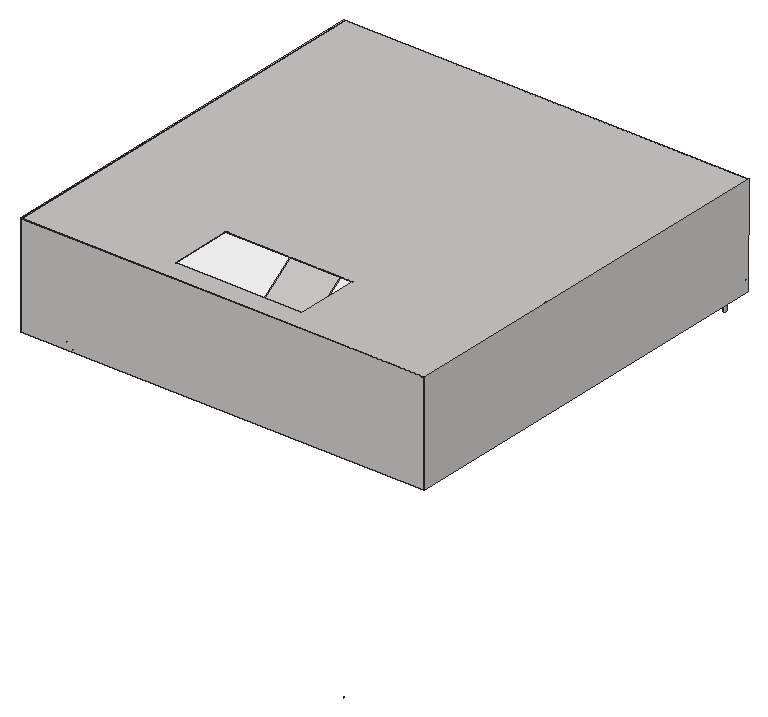
Revit family "QF_ELECTROLUXPROFESSIONAL_640203_EPF1616", category Attrezzature speciali, Revit 2021
Family settings
  Quota connettore circolare = Usa diametro
  Tipo di parte = Normale
  Basato su piano di lavoro = No
  Sempre verticale = Sì
  Taglio con vuoti quando caricato = No
  Condiviso = No
  Punto di calcolo locali = No
Parameters (values of type "Standard")
  Weight = 69.00 kg
  Watts = 0 W
  Volts = 0 V
  URL Manufacturer = "https://www.electroluxprofessional.com/"
  URL = "https://www.electroluxprofessional.com/"
  Steam Supply Size = 0 mm
  Steam Supply Minimum Pressure = 0.0 Pa
  Steam Supply Maximum Pressure = 0.0 Pa
  Steam Consumption per Hour = 0
  Refrigeration Suction Line Size = 0 mm
  Refrigeration Liquid Line Size = 0 mm
  Refrigerant Compressor Remote = yes
  Prospetto di default = 0 mm
  Produttore = "Electrolux Professional"
  Phase = 0
  Modello = "EPF1616"
  Length Actual = 1600 mm  # constant formula
  Item Number = "640203"
  Hot Water Size = 0 mm
  Height Actual = 400 mm  # constant formula
  HP = "0 HP"
  Gas Size = 0 mm
  Gas KW = 0
  Gas Input Pressure = 0 W
  Direct Waste Size = 0 mm
  Descrizione = "304 S/S WALL HOOD+FILTERS 160X160 CM"
  Depth Actual = 1600 mm  # constant formula
  Cycle = 0 Hz
  Condensate Return Size = 0 mm
  Compressed Air Volume = 0.0 L/s
  Compressed Air Size = 0 mm
  Compressed Air Pressure = 0.0 Pa
  Cold Water Size = 0 mm
  Accessory = yes
Reference planes
  plane 1: z = 0
  plane 2 "Center (Left/Right)": x = 150
  plane 3 "LEFT": x = -650
  plane 4 "RIGHT": x = 950
  plane 5 "BACK": y = 550
  plane 6 "TOP": z = 2400
  plane 7 "Base": z = 2000
  plane 8: z = 1970
  plane 9 "DrainY": y = 450
  plane 10: x = -647
  plane 11: y = -720
  plane 12: y = -970
  plane 13 "DrainX": x = 937
  plane 14 "AOLeft": x = -100
  plane 15 "AORight": x = 400
  plane 16: x = 947
  plane 17: x = -450
  plane 18: x = 750
  plane 19: through (0, -449.6, 2399.19) normal (0, -0.5736, 0.8192)
  plane 20: x = 50
  plane 21: x = 250
  plane 22 "Center (Front/Back)": y = -250
  plane 23 "Front": y = -1050
Forms (mm)
  Extrusion 1, solid, material "QF_Finishes_Stainless Steel"
    sketch origin (-650, 0, 360) x (0, 1, 0) y (0, 0, 1)
      loop
        line (550, 1640) -> (550, 2040) -> (-1050, 2040) -> (-1050, 1640) -> (550, 1640)
    from 0 to 3
  Extrusion 2, solid, material "QF_Finishes_Stainless Steel"
    sketch origin (950, 0, 360) x (0, 1, 0) y (0, 0, 1)
      loop
        line (550, 1640) -> (550, 2040) -> (-1050, 2040) -> (-1050, 1640) -> (550, 1640)
    from 0 to -3
  Extrusion 3, solid, material "QF_Finishes_Stainless Steel"
    sketch origin (150, 0, 360) x (0, 1, 0) y (0, 0, 1)
      loop
        line (-1050, 2040) -> (-1050, 1640) -> (-1040, 1640) -> (-1040, 1640.8) -> (-1049.2, 1640.8) -> (-1049.2, 2039.19) -> (549.2, 2039.19) -> (549.2, 1640.8) -> (540, 1640.8) -> (540, 1640) -> (550, 1640) -> (550, 2040) -> (-1050, 2040)
    from -800 to 800
  Extrusion 4, solid, material "QF_Finishes_Stainless Steel"
    sketch origin (0, 0, 2000) x (0, 1, 0) y (-1, 0, 0)
      loop
        circle (450, -937) r 4.763
    from -30 to 0
  Extrusion 5, void
    sketch origin (0, 0, 2400) x (0, 1, 0) y (-1, 0, 0)
      loop
        line (-720, -400) -> (-720, 100) -> (-970, 100) -> (-970, -400) -> (-720, -400)
    from 0 to -10
  Extrusion 6, solid, material "QF_Finishes_Stainless Steel"
    sketch origin (0, 0, 0) x (1, 0, 0) y (0, 1, 0)
      loop
        line (-650, 550) -> (-650, 549) -> (-649, 549) -> (-649, 550) -> (-650, 550)
    from 0 to 1
  Extrusion 7, solid, material "QF_Finishes_Stainless Steel"
    sketch origin (150, 0, 360) x (0, 1, 0) y (0, 0, 1)
      loop
        line (-531.515, 1981.832) -> (-534.381, 1985.926) -> (-973.276, 1678.608) -> (-970.553, 1674.415) -> (-531.515, 1981.832)
    from -600 to -797
  Extrusion 8, solid, material "QF_Finishes_Stainless Steel"
    sketch origin (150, 0, 360) x (0, 1, 0) y (0, 0, 1)
      loop
        line (-1050, 2039.19) -> (-1050, 1640) -> (-1019.702, 1640) -> (-970.553, 1674.415) -> (-978.723, 1686.995) -> (-979.394, 1686.559) -> (-971.645, 1674.627) -> (-1019.955, 1640.8) -> (-1049.2, 1640.8) -> (-1049.2, 2039.19) -> (-1050, 2039.19)
      loop
        line (-449.6, 2039.19) -> (-450.995, 2039.19) -> (-531.319, 1982.947) -> (-539.464, 1994.578) -> (-540.119, 1994.12) -> (-531.515, 1981.832) -> (-449.6, 2039.19)
    from -797 to 797
  Extrusion 9, solid, material "QF_Finishes_Stainless Steel"
    sketch origin (150, 0, 360) x (0, 1, 0) y (0, 0, 1)
      loop
        line (-531.515, 1981.832) -> (-534.381, 1985.926) -> (-973.276, 1678.608) -> (-970.553, 1674.415) -> (-531.515, 1981.832)
    from 797 to 600
  Extrusion 10, solid, material "QF_Finishes_Stainless Steel"
    sketch origin (150, 0, 360) x (0, 1, 0) y (0, 0, 1)
      loop
        line (-531.515, 1981.832) -> (-534.381, 1985.926) -> (-973.276, 1678.608) -> (-970.553, 1674.415) -> (-531.515, 1981.832)
    from -100 to 100
  Extrusion 11, solid, material "QF_Finished_Chrome"
    sketch origin (150, 0, 360) x (0, 1, 0) y (0, 0, 1)
      loop
        line (-531.515, 1981.832) -> (-534.381, 1985.926) -> (-973.276, 1678.608) -> (-970.553, 1674.415) -> (-531.515, 1981.832)
    from -600 to -100
  Extrusion 12, solid, material "QF_Finished_Chrome"
    sketch origin (150, 0, 360) x (0, 1, 0) y (0, 0, 1)
      loop
        line (-531.515, 1981.832) -> (-534.381, 1985.926) -> (-973.276, 1678.608) -> (-970.553, 1674.415) -> (-531.515, 1981.832)
    from 100 to 600
  Sweep 13, solid, material "QF_Finishes_Stainless Steel"
    path origin (0, 0, 0) x (1, 0, 0) y (0, 1, 0)
      loop
        line (950, 550) -> (-650, 550) -> (-650, -1050) -> (950, -1050) -> (950, 550)
    profile origin (950, -250, 0) x (1, 0, 0) y (0, 0, 1)
      loop
        line (-3, 2000) -> (-3, 2000.8) -> (-19, 2000.8) -> (-19, 2010) -> (-20, 2010) -> (-20, 2000) -> (-3, 2000)
  Extrusion 14, solid, material "QF_Finishes_Stainless Steel"
    sketch origin (150, 0, 0) x (0, 1, 0) y (0, 0, 1)
      loop
        line (108.687, 2305.487) -> (549.2, 2040.8) -> (549.2, 2041.733) -> (109.285, 2306.061) -> (-443.438, 2399.19) -> (-445.739, 2399.19) -> (108.687, 2305.487)
    from -797 to 797
Cuts and joins
  Extrusion 5 cuts Extrusion 3
  joined: Extrusion 2, Extrusion 3, Sweep 13
Lines and regions (mm)
  symbolic lines, style "SpecialityEquipment", detail levels coarse
    curve 1: line (950, 550, 2400) -> (-650, 550, 2400)
    curve 2: line (-650, 550, 2400) -> (-650, -1050.8, 2400)
    curve 3: line (950, -1050.8, 2400) -> (950, 550, 2400)
    curve 4: line (400, -970, 2400) -> (-100, -970, 2400)
    curve 5: line (400, -720, 2400) -> (400, -970, 2400)
    curve 6: line (-100, -720, 2400) -> (400, -720, 2400)
    curve 7: line (-100, -970, 2400) -> (-100, -720, 2400)
    curve 8: line (-650, 550, 0) -> (950, -1050, 0)
    curve 9: line (950, 550, 0) -> (-650, -1050, 0)
  symbolic lines, detail levels coarse
    curve 10: line (-650, -1050, 0) -> (950, -1050, 0)
    curve 11: line (-100, -720, 0) -> (-100, -970, 0)
    curve 12: line (400, -720, 0) -> (-100, -720, 0)
    curve 13: line (400, -970, 0) -> (400, -720, 0)
    curve 14: line (-100, -970, 0) -> (400, -970, 0)
Dimensions and locks
  plane 3 "LEFT" to plane 4 "RIGHT" = 1600 mm
  equal spacing: plane 3 "LEFT", plane 2 "Center (Left/Right)", plane 4 "RIGHT"
  plane 7 "Base" to plane 8 = 30 mm
  plane 5 "BACK" to plane 9 "DrainY" = 100 mm  (x2)
  plane 3 "LEFT" to plane 10 = 3 mm
  plane 13 "DrainX" to plane 4 "RIGHT" = 13 mm
  plane 16 to plane 4 "RIGHT" = 3 mm
  plane 3 "LEFT" to plane 17 = 200 mm
  plane 18 to plane 4 "RIGHT" = 200 mm
  locked: plane 14 "AOLeft" to plane 15 "AORight" at 500
  equal spacing: plane 14 "AOLeft", plane 2 "Center (Left/Right)", plane 15 "AORight"
  locked: plane 7 "Base" to level at 2000
  locked: plane 6 "TOP" to plane 7 "Base" at 400
  locked: plane 20 to plane 21 at 200
  equal spacing: plane 20, plane 2 "Center (Left/Right)", plane 21
  locked: plane 11 to plane 12 at 250
  plane 5 "BACK" to plane 23 "Front" = 1600 mm  (x2)
  equal spacing: plane 5 "BACK", plane 22 "Center (Front/Back)", plane 23 "Front"
  plane 12 to plane 23 "Front" = 80 mm
  aligned and locked: level to plane 1
  aligned and locked: plane 4 "RIGHT" to Extrusion 3
  aligned and locked: Extrusion 3 to plane 3 "LEFT"
  aligned and locked: Extrusion 5 to plane 14 "AOLeft"
  aligned and locked: Extrusion 5 to plane 12
  aligned and locked: Extrusion 5 to plane 11
  aligned and locked: Extrusion 7 to plane 10
  aligned and locked: Extrusion 7 to plane 17
  aligned and locked: Extrusion 2 to plane 16
  aligned and locked: Extrusion 5 to plane 15 "AORight"
  aligned and locked: plane 15 "AORight" to curve 5
  aligned and locked: plane 16 to Extrusion 9
  aligned and locked: plane 18 to Extrusion 9
  aligned and locked: Extrusion 10 to plane 21
  aligned and locked: Extrusion 10 to plane 20
  aligned and locked: Extrusion 11 to plane 20
  aligned and locked: plane 17 to Extrusion 11
  aligned and locked: Extrusion 12 to plane 21
  aligned and locked: Extrusion 12 to plane 18
  aligned and locked: Extrusion 14 to plane 10
  aligned and locked: plane 16 to Extrusion 14
  aligned and locked: Extrusion 8 to plane 10
  aligned and locked: Extrusion 8 to plane 16
  aligned and locked: Extrusion 1 to plane 23 "Front"
Automatic sketch dimensions
  curve 2 to plane 3 "LEFT" = 0 mm
  curve 4 to plane 12 = 0 mm
  plane 11 to curve 6 = 0 mm
  curve 2 to plane 5 "BACK" = 0 mm
  curve 4 to plane 14 "AOLeft" = 0 mm
  Extrusion 1 sketch curve to plane 7 "Base" = 0 mm
  Extrusion 1 sketch curve to plane 5 "BACK" = 0 mm
  Extrusion 1 sketch curve to plane 6 "TOP" = 0 mm
  Extrusion 2 sketch curve to plane 7 "Base" = 0 mm
  Extrusion 2 sketch curve to plane 5 "BACK" = 0 mm
  Extrusion 2 sketch curve to plane 6 "TOP" = 0 mm
  Extrusion 3 sketch curve to plane 6 "TOP" = 0 mm
  Extrusion 3 sketch curve to plane 7 "Base" = 0 mm  (x2)
  Extrusion 3 sketch curve to plane 5 "BACK" = 0 mm
  Extrusion 3 sketch curve to Extrusion 3 sketch curve = 9.2 mm
  plane 7 "Base" to Extrusion 3 sketch curve = 0.8 mm  (x2)
  Extrusion 3 sketch curve to plane 5 "BACK" = 10 mm
  Extrusion 3 sketch curve to plane 5 "BACK" = 0.8 mm
  Extrusion 3 sketch curve to plane 6 "TOP" = 0.81 mm
  Extrusion 4 sketch curve to plane 9 "DrainY" = 0 mm
  Extrusion 4 sketch curve to plane 13 "DrainX" = 0 mm
  Extrusion 5 sketch curve to plane 12 = 0 mm
  plane 11 to Extrusion 5 sketch curve = 0 mm
  Extrusion 5 sketch curve to plane 15 "AORight" = 0 mm
  Extrusion 5 sketch curve to plane 14 "AOLeft" = 0 mm
  Extrusion 6 sketch curve to plane 3 "LEFT" = 0 mm
  Extrusion 6 sketch curve to plane 5 "BACK" = 0 mm
  plane 3 "LEFT" to Extrusion 6 sketch curve = 1 mm
  Extrusion 6 sketch curve to Extrusion 6 sketch curve = 1 mm
  Extrusion 7 sketch curve to plane 19 = 0 mm  (x2)
  plane 7 "Base" to Extrusion 7 sketch curve = 34.415 mm
  Extrusion 7 sketch curve to plane 6 "TOP" = 54.074 mm
  Extrusion 8 sketch curve to plane 7 "Base" = 0 mm
  plane 19 to Extrusion 8 sketch curve = 0 mm  (x4)
  Extrusion 8 sketch curve to Extrusion 8 sketch curve = 0.252 mm
  Extrusion 8 sketch curve to Extrusion 8 sketch curve = 40.561 mm
  plane 7 "Base" to Extrusion 8 sketch curve = 46.995 mm
  Extrusion 8 sketch curve to Extrusion 8 sketch curve = 0.671 mm
  plane 7 "Base" to Extrusion 8 sketch curve = 34.627 mm
  Extrusion 8 sketch curve to Extrusion 8 sketch curve = 7.749 mm
  Extrusion 8 sketch curve to plane 6 "TOP" = 45.88 mm
  Extrusion 8 sketch curve to plane 6 "TOP" = 45.422 mm
  Extrusion 8 sketch curve to plane 6 "TOP" = 57.053 mm
  Extrusion 8 sketch curve to plane 6 "TOP" = 0.81 mm  (x2)
  plane 7 "Base" to Extrusion 8 sketch curve = 0.8 mm
  Extrusion 9 sketch curve to plane 19 = 0 mm  (x2)
  plane 7 "Base" to Extrusion 9 sketch curve = 34.415 mm
  Extrusion 9 sketch curve to plane 6 "TOP" = 54.074 mm
  Extrusion 10 sketch curve to plane 19 = 0 mm  (x2)
  plane 7 "Base" to Extrusion 10 sketch curve = 34.415 mm
  Extrusion 10 sketch curve to plane 6 "TOP" = 54.074 mm
  Extrusion 11 sketch curve to plane 19 = 0 mm  (x2)
  plane 7 "Base" to Extrusion 11 sketch curve = 34.415 mm
  Extrusion 11 sketch curve to plane 6 "TOP" = 54.074 mm
  Extrusion 12 sketch curve to plane 19 = 0 mm  (x2)
  plane 7 "Base" to Extrusion 12 sketch curve = 34.415 mm
  Extrusion 12 sketch curve to plane 6 "TOP" = 54.074 mm
  Sweep 13 sketch curve to plane 3 "LEFT" = 0 mm
  Sweep 13 sketch curve to plane 4 "RIGHT" = 0 mm
  Sweep 13 sketch curve to plane 5 "BACK" = 0 mm
  profile plane to Sweep 13 sketch curve = 20 mm
  Sweep 13 sketch curve to Sweep 13 sketch curve = 1 mm
  profile plane to Sweep 13 sketch curve = 3 mm
  level to Sweep 13 sketch curve = 2000 mm
  Sweep 13 sketch curve to Sweep 13 sketch curve = 0.8 mm
  Sweep 13 sketch curve to Sweep 13 sketch curve = 9.2 mm
  Extrusion 7 sketch curve to plane 11 = 185.619 mm
  Extrusion 8 sketch curve to Extrusion 8 sketch curve = 90.519 mm
  Extrusion 9 sketch curve to plane 11 = 185.619 mm
  Extrusion 10 sketch curve to plane 11 = 185.619 mm
  Extrusion 11 sketch curve to plane 11 = 185.619 mm
  Extrusion 12 sketch curve to plane 11 = 185.619 mm
  Extrusion 1 sketch curve to plane 12 = 80 mm
  Extrusion 2 sketch curve to plane 12 = 80 mm
  Extrusion 3 sketch curve to plane 12 = 70 mm
  Extrusion 3 sketch curve to Extrusion 3 sketch curve = 0.8 mm
  Extrusion 7 sketch curve to plane 12 = 3.276 mm
  Extrusion 8 sketch curve to plane 12 = 79.2 mm
  Extrusion 8 sketch curve to Extrusion 8 sketch curve = 0.8 mm
  Extrusion 9 sketch curve to plane 12 = 3.276 mm
  Extrusion 10 sketch curve to plane 12 = 3.276 mm
  Extrusion 11 sketch curve to plane 12 = 3.276 mm
  Extrusion 12 sketch curve to plane 12 = 3.276 mm
  Sweep 13 sketch curve to plane 12 = 80 mm
  Extrusion 14 sketch curve to plane 6 "TOP" = 0.81 mm
  Extrusion 14 sketch curve to plane 22 "Center (Front/Back)" = 195.739 mm
  Extrusion 14 sketch curve to Extrusion 14 sketch curve = 2.3 mm
  Extrusion 14 sketch curve to plane 6 "TOP" = 94.513 mm
  Extrusion 14 sketch curve to plane 9 "DrainY" = 341.313 mm
  Extrusion 14 sketch curve to plane 6 "TOP" = 93.939 mm
  Extrusion 14 sketch curve to Extrusion 14 sketch curve = 0.598 mm
  Extrusion 14 sketch curve to plane 5 "BACK" = 0.8 mm
  plane 7 "Base" to Extrusion 14 sketch curve = 40.8 mm
  Extrusion 14 sketch curve to Extrusion 14 sketch curve = 0.933 mm
  curve 3 to plane 4 "RIGHT" = 0 mm
  curve 3 to plane 23 "Front" = 0.8 mm
  curve 2 to plane 23 "Front" = 0.8 mm
  curve 10 to plane 3 "LEFT" = 0 mm
  curve 8 to plane 3 "LEFT" = 0 mm
  curve 9 to plane 4 "RIGHT" = 0 mm
  curve 10 to plane 4 "RIGHT" = 0 mm
  curve 8 to plane 23 "Front" = 0 mm
  curve 9 to plane 5 "BACK" = 0 mm
  curve 8 to plane 5 "BACK" = 0 mm
  plane 11 to curve 11 = 0 mm
  curve 11 to plane 14 "AOLeft" = 0 mm
  curve 12 to plane 15 "AORight" = 0 mm
  curve 13 to plane 12 = 0 mm
  radius of Extrusion 4 sketch curve = 4.763 mm
Connectors
  piping at (937, 450, 1970), diameter 9.5
    settings: on Extrusion 4, index 1, connector inside diameter 609.6 mm, connector length 0 mm, flow factor 0, pipe flow 0.0 L/s, pressure drop 0.0 Pa, fitting loss kfactor 0, connector angle 0.00°, fixture units 0, engagement length 0 mm, angle of deflection 0.00°, flow configuration 1, flow direction 2, fitting loss method 0, system type 16, joint type 0, gender type 0, connector reference index -1, connector utility 0, adjustable connector no, is connector primary yes, connector description "Drain"
  hvac at (150, -845, 2400)
    settings: on Extrusion 5, index 2, duct flow 0.0 L/s, flow factor 0, pres drop 0.0 Pa, loss coef 0, conn angle 0.00°, conn width 250 mm, conn height 500 mm, conn diameter 609.6 mm, duct sys type 3, conn prof type 1, flow config 1, flow direction 0, loss method 0, conn ref index -1, conn util no, is conn primary yes, conn desc "EXHAUST OUTLET"
